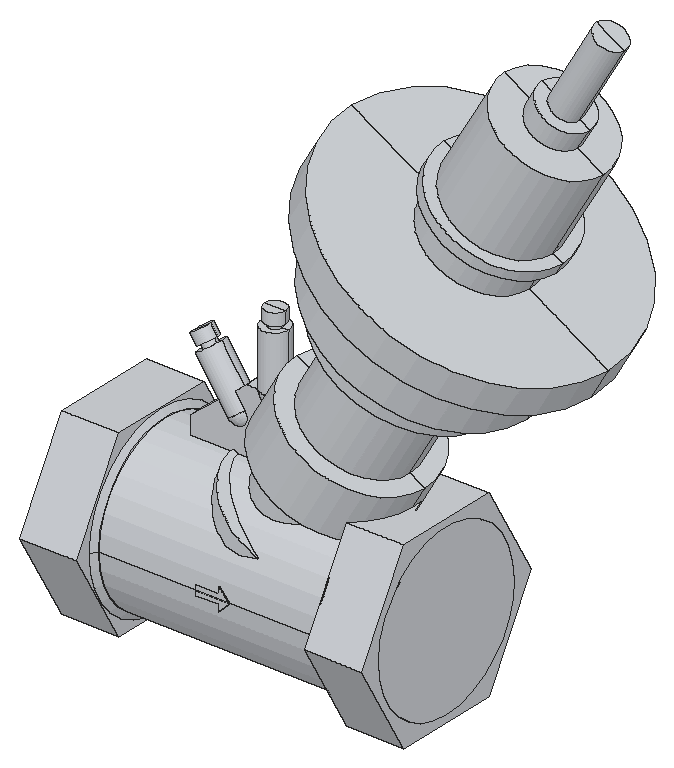
Revit family "PipeAccessories_Valve_Oventrop_Cocon-QTR_DN40-50", category Pipe Accessories, Revit 2014
Parameters (values of type "QTR")
  kv_MaxValueAt_100 kPa [instance] = size_lookup(Lookup Table Name, "Flow", 0, NominalDiameter) * 1.0 L/s  # 15.0 L/s
  URL = "http://oventrop.de/ArticleOverview.aspx?o=65"
  Type Comments = "Flow Threaded Bronze, 2 Pressure Test points"  # constant formula
  SpindleRadius [instance] = size_lookup(Lookup Table Name, "SR", NominalDiameter, NominalDiameter)  # 22.50 mm
  SpindleMaterial = none
  SpindleHeight [instance] = size_lookup(Lookup Table Name, "H2", NominalDiameter, NominalDiameter)  # 65.00 mm
  ProductCode [instance] = if(NominalDiameter = 40.00 mm, "114 61 12", if(NominalDiameter = 50.00 mm, "114 61 16", "ProductCode NA"))  # "114 61 16"
  PressureLoss [instance] = 0.0 Pa
  PlugHeight = 32.00 mm
  PlugRadius = 6.00 mm
  NutThickness [instance] = size_lookup(Lookup Table Name, "FT", NominalDiameter, NominalDiameter)  # 25.00 mm
  NutDiameter [instance] = size_lookup(Lookup Table Name, "ND", NominalDiameter, NominalDiameter)  # 80.00 mm
  ModifiedIssue_ANZRS = 20141127.54  # constant formula
  Model = "Cocon Q"  # constant formula
  Min.Flow [instance] = size_lookup(Lookup Table Name, "MinFlow", 0, NominalDiameter) * 1.0 L/s  # 0.694 L/s
  Max.Pressure = "PN 16"  # constant formula
  Max.Flow [instance] = size_lookup(Lookup Table Name, "MaxFlow", 0, NominalDiameter) * 1.0 L/s  # 2.7778 L/s
  Manufacturer = "Oventrop"  # constant formula
  Lookup Table Name = "PipeAccessories_Valve_Oventrop_Cocon-QTR_DN40-50"
  Length [instance] = size_lookup(Lookup Table Name, "L", NominalDiameter, NominalDiameter)  # 150.00 mm
  Height [instance] = size_lookup(Lookup Table Name, "H1", NominalDiameter, NominalDiameter)  # 255.00 mm
  HandleMaterial = none
  NominalDiameter [instance] = 50.00 mm
  Flow [instance] = 0.0 L/s
  Description = "Pressure independent control valve (PICV). Both ports female"  # constant formula
  CreatedBy_ANZRS = "A2K Technologies"  # constant formula
  CreatedByURL_ANZRS = "http://www.thinkbimmepaus.com.au"
  ConnectorDescription = "“classic”,both ports female thread according to EN 10226."  # constant formula
  BodyMaterial = none
  BodyDiameter [instance] = size_lookup(Lookup Table Name, "BD", NominalDiameter, NominalDiameter)  # 74.00 mm
Reference planes
  plane 1 "Center (Front/Back)": y = 0
  plane 2: z = 0
  plane 3 "Center (Left/Right)": x = 0
  plane 4: x = 75
  plane 5: x = -75
  plane 6: x = 50
  plane 7: x = -50
  plane 8: x = -48
  plane 9: x = 48
  plane 10: z = 32
  plane 11: z = 255
  plane 12: through (0, -1524, 0) normal (-0.866, 0, 0.5)
  plane 13: z = 65
  plane 14: y = 4
  plane 15: y = -4
Forms (mm)
  Sweep 1, solid, material <- "BodyMaterial", detail levels fine
    path origin (0, 0, 0) x (1, 0, 0) y (0, 1, 0)
      loop
        line (75, 0) -> (-75, 0)
    profile origin (0, 0, 0) x (0, -1, 0) y (0, 0, 1)
      loop
        circle (0, 0) r 37
  Extrusion 2, solid, material <- "BodyMaterial", detail levels fine
    sketch origin (75, 0, 0) x (0, 1, 0) y (0, 0, 1)
      loop
        line (-23.094, 40) -> (-46.188, 0) -> (-23.094, -40) -> (23.094, -40) -> (46.188, 0) -> (23.094, 40) -> (-23.094, 40)
    from 0 to -25
  Extrusion 3, solid, material <- "BodyMaterial", detail levels fine
    sketch origin (-75, 0, 0) x (0, 0, 1) y (0, 1, 0)
      loop
        line (0, -46.188) -> (40, -23.094) -> (40, 23.094) -> (0, 46.188) -> (-40, 23.094) -> (-40, -23.094) -> (0, -46.188)
    from 0 to -25
  SweptBlend 4, solid, material <- "BodyMaterial", detail levels fine
    path origin (0, 0, 0) x (1, 0, 0) y (0, 1, 0)
      loop
        line (-48, 0) -> (-50, 0)
    profile origin (-48, 0, 0) x (0, -1, 0) y (0, 0, 1)
      loop
        circle (0, 0) r 37
    end profile origin (-50, 0, 0) x (0, -1, 0) y (0, 0, 1)
      loop
        circle (0, 0) r 40
  SweptBlend 5, solid, material <- "BodyMaterial", detail levels fine
    path origin (0.34, 0, 0) x (-1, 0, 0) y (0, 1, 0)
      loop
        line (-47.66, 0) -> (-49.66, 0)
    profile origin (48, 0, 0) x (0, 1, 0) y (0, 0, 1)
      loop
        circle (0, 0) r 37
    end profile origin (50, 0, 0) x (0, 1, 0) y (0, 0, 1)
      loop
        circle (0, 0) r 40
  Extrusion 6, solid, material <- "BodyMaterial", detail levels fine
    sketch origin (-12.5, -28, 0) x (1, 0, 0) y (0, 0, 1)
      loop
        line (7.089, 2) -> (7.089, -2) -> (17.089, -2) -> (17.089, -5) -> (22.089, 0) -> (17.089, 5) -> (17.089, 2) -> (7.089, 2)
    from -65 to 9
  Revolve 7, solid, material <- "SpindleMaterial", detail levels fine
    sketch origin (0, 0, 0) x (1, 0, 0) y (0, 0, 1)
      loop
        line (37.528, 65) -> (9.382, 81.25) -> (-3.127, 59.583) -> (5.533, 54.583) -> (-6.976, 32.917) -> (-15.637, 37.917) -> (-28.146, 16.25) -> (0, 0) -> (37.528, 65)
      axis (37.528, 65) -> (0, 0)
    angle from 0 to 360
  Revolve 8, solid, material <- "SpindleMaterial", detail levels fine
    sketch origin (0, 0, 0) x (1, 0, 0) y (0, 0, 1)
      loop
        line (37.528, 65) -> (59.178, 52.5) -> (81.678, 91.471) -> (94.669, 83.971) -> (102.169, 96.962) -> (110.829, 91.962) -> (125.829, 117.942) -> (138.819, 110.442) -> (146.319, 123.433) -> (111.678, 143.433) -> (119.178, 156.423) -> (97.528, 168.923) -> (37.528, 65)
      axis (97.528, 168.923) -> (37.528, 65)
    angle from 0 to 360
  Revolve 9, solid, material <- "HandleMaterial", detail levels fine
    sketch origin (0, 0, 0) x (1, 0, 0) y (0, 0, 1)
      loop
        line (147.224, 255) -> (97.528, 168.923) -> (123.509, 153.923) -> (126.009, 158.253) -> (121.678, 160.753) -> (144.178, 199.724) -> (132.92, 206.224) -> (137.92, 214.885) -> (133.59, 217.385) -> (153.286, 251.5) -> (147.224, 255)
      axis (147.224, 255) -> (97.528, 168.923)
    angle from 0 to 360
  Extrusion 10, solid, detail levels fine
    sketch origin (0, 0, 0) x (1, 0, 0) y (0, 0, 1)
      loop
        line (10, 0) -> (10, 65) -> (-9.463, 65) -> (-34, 44.411) -> (-34, 0) -> (10, 0)
    from -4 to 4
  Revolve 11, solid, detail levels fine
    sketch origin (0, 0, 0) x (1, 0, 0) y (0, 0, 1)
      loop
        arc (-6, 65) -> (-4.243, 60.757) -> (0, 59) r 6
        line (0, 59) -> (0, 97) -> (-4.5, 97) -> (-4.5, 92) -> (-3, 92) -> (-3, 90) -> (-6, 90) -> (-6, 65)
      axis (0, 97) -> (0, 59)
    angle from 0 to 360
  Revolve 12, solid, detail levels fine
    sketch origin (0, 0, 32) x (-0.573576, 0, 0.819152) y (-0.819152, 0, -0.573576)
      loop
        arc (24.139, 6) -> (19.896, 4.243) -> (18.139, 0) r 6
        line (18.139, 0) -> (56.139, 0) -> (56.139, 4.5) -> (51.139, 4.5) -> (51.139, 3) -> (49.139, 3) -> (49.139, 6) -> (24.139, 6)
      axis (56.139, 0) -> (18.139, 0)
    angle from 0 to 360
Lines and regions (mm)
  model lines, style "PipeAccessory", detail levels coarse+medium
    curve 1: line (-75, 40, 0) -> (75, -40, 0)
    curve 2: line (75, 40, 0) -> (-75, -40, 0)
    curve 3: line (75, 40, 0) -> (75, -40, 0)
    curve 4: line (-75, 40, 0) -> (-75, -40, 0)
  reference lines
    curve 5: line (0, 0, 0) -> (-62.043, 0, 35.821)
    curve 6: line (37.528, 0, 65) -> (-31.754, 0, 105)
    curve 7: line (97.528, 0, 168.923) -> (31.472, 0, 207.06)
    curve 8: line (0, 0, 32) -> (-50.762, 0, 104.496)
Dimensions and locks
  equal spacing: Extrusion 2 sketch curve, plane 1 "Center (Front/Back)", Extrusion 2 sketch curve  (x3)
  "NutDiameter": Extrusion 2 sketch curve to Extrusion 2 sketch curve  (x3)
  "NutThickness": plane 6 to plane 4
  "NutThickness": plane 5 to plane 7
  equal spacing: Extrusion 3 sketch curve, plane 1 "Center (Front/Back)", Extrusion 3 sketch curve  (x3)
  "NutDiameter": Extrusion 3 sketch curve to Extrusion 3 sketch curve  (x3)
  equal spacing: curve 4, plane 1 "Center (Front/Back)", curve 4
  equal spacing: curve 3, plane 1 "Center (Front/Back)", curve 3
  "NutDiameter": curve 3 to curve 3
  "NutDiameter": curve 4 to curve 4
  locked: Extrusion 6 sketch curve to Extrusion 6 sketch curve at 10
  Extrusion 6 sketch curve to Extrusion 6 sketch curve = 4.00 mm
  locked: Extrusion 6 sketch curve to Extrusion 6 sketch curve at 5
  "BodyDiameter": Extrusion 6 to Extrusion 6
  equal spacing: Extrusion 6, plane 1 "Center (Front/Back)", Extrusion 6
  locked: plane 8 to plane 7 at 2
  locked: plane 6 to plane 9 at 2
  equal spacing: plane 4, plane 3 "Center (Left/Right)", plane 5
  "Length": plane 4 to plane 5
  "PlugHeight": plane 10 to plane 2
  "Height": plane 11 to plane 2
  "SpindleHeight": plane 13 to plane 2
  "SpindleRadius": plane 12 to Revolve 7 sketch curve
  equal spacing: curve 6, Revolve 7 sketch curve, Revolve 7 sketch curve, curve 5
  locked: Revolve 7 sketch curve to Revolve 7 sketch curve at 10
  plane 12 to Revolve 8 sketch curve = 65.00 mm
  locked: curve 7 to curve 6 at 120
  locked: plane 12 to Revolve 9 sketch curve at 25
  locked: Revolve 9 sketch curve to Revolve 9 sketch curve at 5
  locked: Revolve 9 sketch curve to Revolve 9 sketch curve at 13
  locked: Revolve 9 sketch curve to Revolve 9 sketch curve at 18
  locked: Revolve 9 sketch curve to curve 7 at 60
  locked: curve 7 to Revolve 9 sketch curve at 5
  locked: Revolve 9 sketch curve to Revolve 9 sketch curve at 10
  locked: Revolve 8 sketch curve to Revolve 8 sketch curve at 15  (x3)
  locked: Revolve 8 sketch curve to Revolve 8 sketch curve at 25
  locked: Revolve 8 sketch curve to Revolve 8 sketch curve at 40
  locked: Revolve 8 sketch curve to curve 7 at 75
  locked: Revolve 8 sketch curve to Revolve 8 sketch curve at 45
  locked: Extrusion 10 sketch curve to plane 3 "Center (Left/Right)" at 10
  locked: Extrusion 10 sketch curve to plane 3 "Center (Left/Right)" at 34
  equal spacing: plane 14, plane 1 "Center (Front/Back)", plane 15
  locked: plane 14 to plane 1 "Center (Front/Back)" at 4
  "PlugRadius": plane 3 "Center (Left/Right)" to Revolve 11 sketch curve
  locked: Revolve 11 sketch curve to Revolve 11 sketch curve at 1.5
  locked: Revolve 11 sketch curve to Revolve 11 sketch curve at 3
  locked: Revolve 11 sketch curve to Revolve 11 sketch curve at 5
  locked: Revolve 11 sketch curve to Revolve 11 sketch curve at 2
  locked: Revolve 12 sketch curve to Revolve 12 sketch curve at 1.5
  locked: Revolve 12 sketch curve to Revolve 12 sketch curve at 3
  locked: Revolve 12 sketch curve to Revolve 12 sketch curve at 5
  locked: Revolve 12 sketch curve to Revolve 12 sketch curve at 2
  "PlugRadius": curve 8 to Revolve 12 sketch curve
  "PlugHeight": Revolve 12 sketch curve to Revolve 12 sketch curve
  "PlugHeight": Revolve 11 sketch curve to Revolve 11 sketch curve
  "BodyDiameter": diameter of Sweep 1 sketch curve
  "BodyDiameter": diameter of SweptBlend 4 sketch curve
  "NutDiameter": diameter of SweptBlend 4 sketch curve
  "BodyDiameter": diameter of SweptBlend 5 sketch curve
  "NutDiameter": diameter of SweptBlend 5 sketch curve
  "PlugRadius": radius of Revolve 11 sketch curve
  "PlugRadius": radius of Revolve 12 sketch curve
  angle Extrusion 3 sketch curve to Extrusion 3 sketch curve = 120.00°  (x6)
  angle Extrusion 2 sketch curve to Extrusion 2 sketch curve = 120.00°  (x6)
  locked: plane 12 to curve 5 (angle 90.00°)
  locked: plane 12 to curve 6 (angle 90.00°)
  locked: Revolve 9 sketch curve to plane 11 (angle 30.00°)
  locked: plane 13 to Extrusion 10 sketch curve (angle 40.00°)
  angle plane 3 "Center (Left/Right)" to curve 8 = 35.00°
  aligned and locked: level to plane 2
  aligned and locked: Sweep 1 sketch curve to plane 1 "Center (Front/Back)"
  aligned and locked: plane 6 to Extrusion 2
  aligned and locked: Extrusion 3 to plane 7
  aligned and locked: SweptBlend 5 to plane 9
  aligned and locked: Extrusion 6 sketch curve to Extrusion 6 sketch curve
  aligned and locked: plane 6 to SweptBlend 5 sketch curve
  aligned and locked: plane 7 to SweptBlend 4 sketch curve
  aligned and locked: plane 3 "Center (Left/Right)" to curve 5
  aligned and locked: plane 2 to curve 5
  aligned and locked: plane 13 to curve 6
  aligned and locked: plane 12 to curve 6
  aligned and locked: plane 12 to Revolve 7 sketch curve
  aligned and locked: Revolve 7 sketch curve to plane 12
  aligned and locked: Revolve 7 sketch curve to curve 5
  aligned and locked: Revolve 7 sketch curve to curve 6
  aligned and locked: Revolve 7 sketch curve to Revolve 7 sketch curve
  aligned and locked: plane 12 to Revolve 8 sketch curve
  aligned and locked: Revolve 8 sketch curve to plane 12
  aligned and locked: Revolve 8 sketch curve to curve 6
  aligned and locked: curve 7 to plane 12
  aligned and locked: Revolve 9 sketch curve to curve 7
  aligned and locked: plane 11 to Revolve 9 sketch curve
  aligned and locked: Revolve 8 sketch curve to curve 7
  aligned and locked: Revolve 8 sketch curve to Revolve 8 sketch curve
  aligned and locked: plane 2 to Extrusion 10 sketch curve
  aligned and locked: Extrusion 10 sketch curve to plane 13
  aligned and locked: plane 14 to Extrusion 10
  aligned and locked: plane 15 to Extrusion 10
  aligned and locked: Revolve 11 sketch curve to plane 3 "Center (Left/Right)"  (x2)
  aligned and locked: plane 3 "Center (Left/Right)" to curve 8
  aligned and locked: plane 10 to curve 8
  aligned and locked: Revolve 12 sketch curve to curve 8  (x2)
Automatic sketch dimensions
  Sweep 1 sketch curve to plane 5 = 0.00 mm
  Sweep 1 sketch curve to plane 4 = 0.00 mm
  plane 1 "Center (Front/Back)" to SweptBlend 4 sketch curve = 0.00 mm
  SweptBlend 4 sketch curve to plane 8 = 0.00 mm
  plane 1 "Center (Front/Back)" to SweptBlend 5 sketch curve = 0.00 mm
  SweptBlend 5 sketch curve to plane 9 = 0.00 mm
  Extrusion 6 sketch curve to level = 0.00 mm
  Extrusion 6 sketch curve to level = 2.00 mm
  Extrusion 6 sketch curve to plane 3 "Center (Left/Right)" = 5.411 mm
  Extrusion 6 sketch curve to Extrusion 6 sketch curve = 0.00 mm
  Extrusion 6 sketch curve to Extrusion 6 sketch curve = 3.00 mm
  level to Extrusion 6 sketch curve = 2.00 mm
  plane 10 to Revolve 8 sketch curve = 4.667 mm
  plane 3 "Center (Left/Right)" to Revolve 8 sketch curve = 10.585 mm
  plane 12 to Revolve 9 sketch curve = 0.00 mm  (x3)
  plane 10 to Revolve 9 sketch curve = 4.667 mm
  plane 3 "Center (Left/Right)" to Revolve 9 sketch curve = 10.585 mm
  curve 7 to plane 9 = 16.528 mm
  Extrusion 10 sketch curve to plane 3 "Center (Left/Right)" = 9.463 mm
  curve 4 to plane 5 = 0.00 mm
  curve 3 to plane 4 = 0.00 mm
  Sweep 1 sketch curve to level = 0.00 mm
  Sweep 1 sketch curve to profile plane = 0.00 mm
  SweptBlend 4 sketch curve to level = 0.00 mm  (x2)
  SweptBlend 4 sketch curve to profile plane = 0.00 mm  (x2)
  SweptBlend 5 sketch curve to level = 0.00 mm  (x2)
  SweptBlend 5 sketch curve to profile plane = 0.00 mm  (x2)
  plane 8 to Revolve 7 sketch curve = 16.50 mm
  plane 3 "Center (Left/Right)" to Revolve 7 sketch curve = 5.00 mm
  Revolve 11 sketch curve to plane 13 = 0.00 mm
  Revolve 11 sketch curve to Revolve 11 sketch curve = 7.00 mm
  Revolve 11 sketch curve to plane 10 = 3.335 mm
  curve 8 to Revolve 12 sketch curve = 18.139 mm
  Revolve 12 sketch curve to Revolve 12 sketch curve = 7.00 mm
  Revolve 12 sketch curve to curve 8 = 2.196 mm
Connectors
  piping at (75, 0, 0), diameter 50, driven by "NominalDiameter", driven by "Flow", driven by "ConnectorDescription"
    settings: on Sweep 1, index 1, connector inside diameter 609.6 mm, connector length 0.00 mm, flow factor 0, pipe flow 0.0 L/s, pressure drop 0.0 Pa, fitting loss kfactor 0, connector angle 0.00°, fixture units 0, engagement length 0.00 mm, angle of deflection 0.00°, flow configuration 0, flow direction 2, fitting loss method 4, system type 29, joint type 0, gender type 0, connector reference index 2, connector utility 0, adjustable connector no, is connector primary yes, connector description "“classic”,both ports female thread according to EN 10226."
  piping at (-75, 0, 0), diameter 50, driven by "NominalDiameter", driven by "Flow", driven by "ConnectorDescription"
    settings: on Sweep 1, index 2, connector inside diameter 609.6 mm, connector length 0.00 mm, flow factor 0, pipe flow 0.0 L/s, pressure drop 0.0 Pa, fitting loss kfactor 0, connector angle 0.00°, fixture units 0, engagement length 0.00 mm, angle of deflection 0.00°, flow configuration 0, flow direction 1, fitting loss method 4, system type 29, joint type 0, gender type 0, connector reference index 1, connector utility 0, adjustable connector no, is connector primary no, connector description "“classic”,both ports female thread according to EN 10226."
